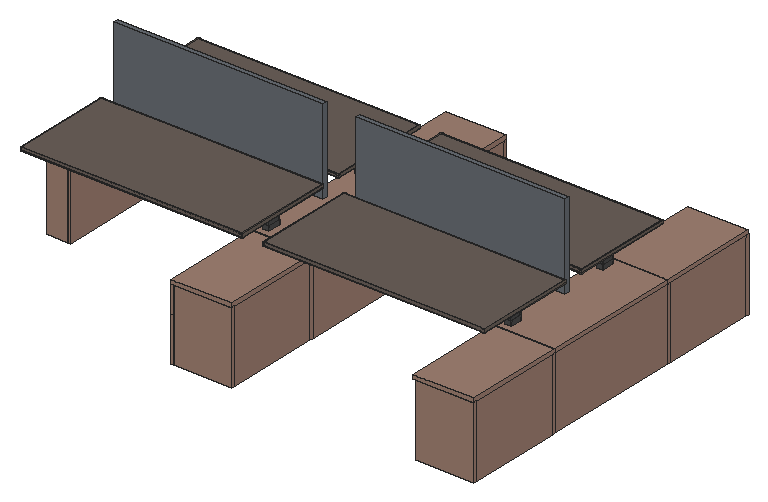
Revit family "T200219", category Furniture, Revit 2015 (continued)
Definition of nested family "STAKS HEIGHT ADJUSTABLE WORK GROUP CABINET Double Sided Dual User"
  Automatic sketch dimensions
    plane 1 "Center Front/Back" to Extrusion 4 sketch curve = 0' - 0"
    Extrusion 5 sketch curve to plane 5 "Front End" = 0' - 0"
    Extrusion 5 sketch curve to plane 20 = 0' - 0"
    Extrusion 5 sketch curve to plane 21 = 0' - 0"
    Extrusion 5 sketch curve to plane 18 = 0' - 0"
    Extrusion 6 sketch curve to plane 9 = 0' - 0 3/4"
    Extrusion 6 sketch curve to plane 10 = 0' - 0 3/4"
    Extrusion 6 sketch curve to plane 18 = 0' - 0"
    plane 1 "Center Front/Back" to Extrusion 6 sketch curve = 0' - 0"
    Extrusion 7 sketch curve to plane 4 "Left End" = 0' - 0"
    Extrusion 7 sketch curve to plane 6 "Right End" = 0' - 0"
    plane 17 to Extrusion 7 sketch curve = 0' - 0"
    Extrusion 7 sketch curve to plane 5 "Front End" = 0' - 0"
    Extrusion 8 sketch curve to plane 5 "Front End" = 0' - 0"
    Extrusion 8 sketch curve to plane 22 = 0' - 0"
    Extrusion 8 sketch curve to plane 23 = 0' - 0"
    Extrusion 8 sketch curve to plane 18 = 0' - 0"
    Extrusion 9 sketch curve to plane 11 = 0' - 0"
    Extrusion 9 sketch curve to plane 21 = 0' - 0"
    plane 23 to Extrusion 9 sketch curve = 0' - 0"
    plane 8 "Height Top" to Extrusion 9 sketch curve = 0' - 1 5/16"
    Extrusion 10 sketch curve to plane 14 = 0' - 0"
    Extrusion 10 sketch curve to plane 16 = 0' - 0"
    Extrusion 10 sketch curve to plane 14 = 0' - 2"
    Extrusion 10 sketch curve to plane 16 = 0' - 0 1/8"  (x2)
    Extrusion 10 sketch curve to Extrusion 10 sketch curve = 0' - 3 1/2"
    Extrusion 10 sketch curve to Extrusion 10 sketch curve = 0' - 0"
    Extrusion 10 sketch curve to Extrusion 10 sketch curve = 0' - 0 1/8"
    Extrusion 11 sketch curve to plane 14 = 0' - 0 3/16"
    Extrusion 11 sketch curve to plane 16 = 0' - 3 5/8"
    Extrusion 11 sketch curve to plane 16 = 0' - 0 3/16"  (x2)
    Extrusion 11 sketch curve to plane 14 = 0' - 1 7/8"
    Extrusion 11 sketch curve to Extrusion 11 sketch curve = 0' - 0 1/16"  (x3)
    Revolve 12 sketch curve to level = 0' - 0"
    plane 16 to Revolve 12 sketch curve = 0' - 0"
    Revolve 12 sketch curve to plane 12 = 0' - 0"  (x2)
    level to Revolve 12 sketch curve = 0' - 0.12502"
    Revolve 12 sketch curve to Revolve 12 sketch curve = 0' - 0.06202"
    Revolve 12 sketch curve to Revolve 12 sketch curve = 0' - 0.12498"
    Revolve 12 sketch curve to plane 16 = 0' - 0.188"  (x2)
    plane 12 to Revolve 12 sketch curve = 0' - 0 1/4"
    Revolve 13 sketch curve to level = 0' - 0"
    plane 15 to Revolve 13 sketch curve = 0' - 0"
    Revolve 13 sketch curve to plane 12 = 0' - 0"  (x2)
    level to Revolve 13 sketch curve = 0' - 0 1/4"
    Revolve 13 sketch curve to Revolve 13 sketch curve = 0' - 0.06202"
    Revolve 13 sketch curve to Revolve 13 sketch curve = 0' - 0.12498"
    plane 15 to Revolve 13 sketch curve = 0' - 0.188"  (x2)
    plane 12 to Revolve 13 sketch curve = 0' - 0 1/4"
    plane 14 to Extrusion 14 sketch curve = 0' - 0"
    Extrusion 14 sketch curve to plane 15 = 0' - 0"
    Extrusion 14 sketch curve to plane 14 = 0' - 0 1/8"
    plane 15 to Extrusion 14 sketch curve = 0' - 0 1/8"
    Extrusion 14 sketch curve to Extrusion 14 sketch curve = 0' - 3 1/2"
    Extrusion 14 sketch curve to Extrusion 14 sketch curve = 0' - 0"
    Extrusion 14 sketch curve to Extrusion 14 sketch curve = 0' - 0 1/8"
    Extrusion 14 sketch curve to Extrusion 14 sketch curve = 0' - 1 3/4"
    Extrusion 15 sketch curve to plane 14 = 0' - 0 3/16"
    plane 15 to Extrusion 15 sketch curve = 0' - 3 5/8"
    Extrusion 15 sketch curve to plane 14 = 0' - 0 1/8"
    Extrusion 15 sketch curve to Extrusion 15 sketch curve = 0' - 0 1/16"  (x2)
    plane 15 to Extrusion 15 sketch curve = 0' - 0 3/16"  (x2)
    Extrusion 15 sketch curve to Extrusion 15 sketch curve = 0' - 1 5/8"
    Extrusion 16 sketch curve to plane 16 = 0' - 0"  (x2)
    plane 17 to Extrusion 16 sketch curve = 0' - 3 3/8"
    plane 16 to Extrusion 16 sketch curve = 0' - 0 1/8"
    Extrusion 16 sketch curve to plane 14 = 0' - 2 1/8"
    Extrusion 16 sketch curve to Extrusion 16 sketch curve = 0' - 3 3/4"  (x2)
    Extrusion 16 sketch curve to Extrusion 16 sketch curve = 0' - 0 1/8"
    Blend 17 sketch curve to plane 16 = 0' - 0 1/8"
    plane 17 to Blend 17 sketch curve = 0' - 2 1/8"
    Blend 17 sketch curve to Blend 17 sketch curve = 0' - 0 1/8"  (x4)
    Blend 17 sketch curve to Blend 17 sketch curve = 0' - 3 1/4"
    Blend 17 sketch curve to Blend 17 sketch curve = 0' - 0"
    Blend 17 sketch curve to plane 14 = 0' - 1 3/4"
    Blend 17 sketch curve to plane 16 = 0' - 0"  (x2)
    plane 17 to Blend 17 sketch curve = 0' - 3 3/8"
    plane 16 to Blend 17 sketch curve = 0' - 0 1/8"
    Blend 17 sketch curve to Blend 17 sketch curve = 0' - 3 3/4"  (x2)
    Blend 17 sketch curve to plane 14 = 0' - 2"
    Extrusion 18 sketch curve to plane 15 = 0' - 0"  (x2)
    Extrusion 18 sketch curve to plane 17 = 0' - 3 3/8"
    plane 15 to Extrusion 18 sketch curve = 0' - 0 1/8"
    plane 14 to Extrusion 18 sketch curve = 0' - 2 1/8"
    Extrusion 18 sketch curve to Extrusion 18 sketch curve = 0' - 3 3/4"  (x2)
    Extrusion 18 sketch curve to Extrusion 18 sketch curve = 0' - 0 1/8"
    Blend 19 sketch curve to plane 15 = 0' - 0 1/8"
    Blend 19 sketch curve to plane 17 = 0' - 2 1/8"
    Blend 19 sketch curve to Blend 19 sketch curve = 0' - 0 1/8"  (x4)
    Blend 19 sketch curve to Blend 19 sketch curve = 0' - 3 1/4"
    Blend 19 sketch curve to Blend 19 sketch curve = 0' - 0"
    plane 14 to Blend 19 sketch curve = 0' - 1 3/4"
    Blend 19 sketch curve to plane 15 = 0' - 0"  (x2)
    Blend 19 sketch curve to plane 17 = 0' - 3 3/8"
    plane 15 to Blend 19 sketch curve = 0' - 0 1/8"
    Blend 19 sketch curve to Blend 19 sketch curve = 0' - 3 3/4"  (x2)
    plane 14 to Blend 19 sketch curve = 0' - 2"
    Extrusion 20 sketch curve to plane 16 = 0' - 0"
    Extrusion 20 sketch curve to plane 16 = 0' - 0 1/8"  (x2)
    Extrusion 20 sketch curve to plane 18 = 0' - 0 3/4"
    Extrusion 20 sketch curve to Extrusion 20 sketch curve = 0' - 3 3/4"
    Extrusion 20 sketch curve to Extrusion 20 sketch curve = 0' - 0"
    Extrusion 20 sketch curve to Extrusion 20 sketch curve = 0' - 0 1/8"
    Extrusion 20 sketch curve to Extrusion 20 sketch curve = 0' - 1 3/4"
    Extrusion 21 sketch curve to plane 18 = 0' - 0 15/16"
    Extrusion 21 sketch curve to plane 16 = 0' - 3 7/8"
    Extrusion 21 sketch curve to plane 18 = 0' - 0 7/8"
    Extrusion 21 sketch curve to Extrusion 21 sketch curve = 0' - 0 1/16"  (x2)
    Extrusion 21 sketch curve to plane 16 = 0' - 0 3/16"  (x2)
    Extrusion 21 sketch curve to Extrusion 21 sketch curve = 0' - 1 5/8"
    Revolve 22 sketch curve to level = 0' - 0"
    plane 16 to Revolve 22 sketch curve = 0' - 0"
    Revolve 22 sketch curve to plane 12 = 0' - 0"  (x2)
    level to Revolve 22 sketch curve = 0' - 0 1/4"
    Revolve 22 sketch curve to Revolve 22 sketch curve = 0' - 0.06202"
    Revolve 22 sketch curve to Revolve 22 sketch curve = 0' - 0.12498"
    Revolve 22 sketch curve to plane 16 = 0' - 0.188"  (x2)
    plane 12 to Revolve 22 sketch curve = 0' - 0 1/4"
    Revolve 23 sketch curve to level = 0' - 0"
    plane 15 to Revolve 23 sketch curve = 0' - 0"
    Revolve 23 sketch curve to plane 12 = 0' - 0"  (x2)
    level to Revolve 23 sketch curve = 0' - 0.12502"
    Revolve 23 sketch curve to plane 15 = 0' - 0.06202"
    Revolve 23 sketch curve to Revolve 23 sketch curve = 0' - 0.12498"
    plane 15 to Revolve 23 sketch curve = 0' - 0.188"  (x2)
    plane 12 to Revolve 23 sketch curve = 0' - 0 1/4"
    Extrusion 24 sketch curve to plane 15 = 0' - 0"
    Extrusion 24 sketch curve to plane 18 = 0' - 2 3/4"
    plane 15 to Extrusion 24 sketch curve = 0' - 0 1/8"  (x2)
    Extrusion 24 sketch curve to Extrusion 24 sketch curve = 0' - 3 1/2"
    Extrusion 24 sketch curve to plane 18 = 0' - 0 3/4"
    Extrusion 24 sketch curve to Extrusion 24 sketch curve = 0' - 0"
    Extrusion 24 sketch curve to Extrusion 24 sketch curve = 0' - 0 1/8"
    Extrusion 25 sketch curve to plane 18 = 0' - 0 15/16"
    plane 15 to Extrusion 25 sketch curve = 0' - 3 5/8"
    plane 15 to Extrusion 25 sketch curve = 0' - 0 3/16"  (x2)
    Extrusion 25 sketch curve to plane 18 = 0' - 2 5/8"
    Extrusion 25 sketch curve to Extrusion 25 sketch curve = 0' - 0 1/16"  (x3)
    Extrusion 26 sketch curve to plane 16 = 0' - 0"  (x2)
    plane 1 "Center Front/Back" to Extrusion 26 sketch curve = 0' - 3 3/8"
    Extrusion 26 sketch curve to plane 16 = 0' - 0 1/8"
    Extrusion 26 sketch curve to Extrusion 26 sketch curve = 0' - 4"  (x2)
    Extrusion 26 sketch curve to Extrusion 26 sketch curve = 0' - 0 1/8"
    plane 18 to Extrusion 26 sketch curve = 0' - 2 3/4"
    plane 16 to Blend 27 sketch curve = 0' - 0 1/8"
    plane 1 "Center Front/Back" to Blend 27 sketch curve = 0' - 2 1/8"
    Blend 27 sketch curve to Blend 27 sketch curve = 0' - 0 1/8"  (x4)
    Blend 27 sketch curve to Blend 27 sketch curve = 0' - 3 1/2"
    Blend 27 sketch curve to Blend 27 sketch curve = 0' - 0"
    plane 18 to Blend 27 sketch curve = 0' - 2 1/2"
    Blend 27 sketch curve to plane 16 = 0' - 0"  (x2)
    plane 1 "Center Front/Back" to Blend 27 sketch curve = 0' - 3 3/8"
    Blend 27 sketch curve to plane 16 = 0' - 0 1/8"
    Blend 27 sketch curve to Blend 27 sketch curve = 0' - 4"  (x2)
    plane 18 to Blend 27 sketch curve = 0' - 2 3/4"
    Extrusion 28 sketch curve to plane 15 = 0' - 0"  (x2)
    Extrusion 28 sketch curve to plane 1 "Center Front/Back" = 0' - 3 3/8"
    Extrusion 28 sketch curve to Extrusion 28 sketch curve = 0' - 0 1/8"  (x2)
    Extrusion 28 sketch curve to Extrusion 28 sketch curve = 0' - 3 3/4"
    plane 15 to Extrusion 28 sketch curve = 0' - 3 3/4"
    Extrusion 28 sketch curve to plane 18 = 0' - 2 3/4"
    plane 15 to Blend 29 sketch curve = 0' - 0 1/8"
    Blend 29 sketch curve to plane 1 "Center Front/Back" = 0' - 2 1/8"
    Blend 29 sketch curve to Blend 29 sketch curve = 0' - 0 1/8"  (x4)
    Blend 29 sketch curve to Blend 29 sketch curve = 0' - 3 1/4"
    Blend 29 sketch curve to Blend 29 sketch curve = 0' - 0"
    Blend 29 sketch curve to plane 18 = 0' - 2 1/2"
    Blend 29 sketch curve to plane 15 = 0' - 0"  (x2)
    Blend 29 sketch curve to plane 1 "Center Front/Back" = 0' - 3 3/8"
    Blend 29 sketch curve to plane 15 = 0' - 0 1/8"
    Blend 29 sketch curve to Blend 29 sketch curve = 0' - 3 3/4"
    plane 15 to Blend 29 sketch curve = 0' - 3 3/4"
    Blend 29 sketch curve to plane 18 = 0' - 2 3/4"
Definition of nested family "STAKS FABRIC PRIVACY PANEL Tackable"
  Parameters (values of type "STAKS FABRIC PRIVACY PANEL Tackable for 66in Worksurfaces")
    Width = 5' - 4"
    URL = "http://www.ofs.com/"
    Height from Floor = 1' - 10 3/4"
    Height = 2' - 1 1/4"
    Model = "6-6425PP"
    Manufacturer = "OFS"
    Description = "OFS STAKS FABRIC PRIVACY PANEL Tackable Fabric Covered Panel For Use with 66\" Worksurfaces"
    Depth = 0' - 1 7/16"
    Copyright © = "© 2018 OFS"
    Catalog = "https://ofs.com/products/open-plan/benching/staks"
    Authoring Version = "Autodesk Revit Architecture 2013"
    Assembly Code = "E2020200"
    Surface Material = none
  Types (5): name | Width | Model | Description
    (no name) | 5' - 4" | "6-6425PP" | "OFS STAKS FABRIC PRIVACY PANEL Tackable Fabric Covered Panel For Use with 66\" Worksurfaces"
    STAKS FABRIC PRIVACY PANEL Tackable for 54in Worksurfaces | 4' - 4" | "6-5225PP" | "OFS STAKS FABRIC PRIVACY PANEL Tackable Fabric Covered Panel For Use with 54\" Worksurfaces"
    STAKS FABRIC PRIVACY PANEL Tackable for 60in Worksurfaces | 4' - 10" | "6-5825PP" | "OFS STAKS FABRIC PRIVACY PANEL Tackable Fabric Covered Panel For Use with 60\" Worksurfaces"
    STAKS FABRIC PRIVACY PANEL Tackable for 66in Worksurfaces | 5' - 4" | "6-6425PP" | "OFS STAKS FABRIC PRIVACY PANEL Tackable Fabric Covered Panel For Use with 66\" Worksurfaces"
    STAKS FABRIC PRIVACY PANEL Tackable for 72in Worksurfaces | 5' - 10" | "6-7025PP" | "OFS STAKS FABRIC PRIVACY PANEL Tackable Fabric Covered Panel For Use with 72\" Worksurfaces"
  Reference planes (in)
    plane 1 "Center (Front/Back)": y = 0
    plane 2: z = 0
    plane 3 "Center (Left/Right)": x = 0
    plane 4: x = 32
    plane 5: x = -32
    plane 6: y = 0.71875
    plane 7: y = -0.71875
    plane 8: z = 22.75
    plane 9: z = 48
  Forms (in)
    Extrusion 1, solid, material <- "Surface Material"
      sketch origin (3.56329, 81.33771, 7) x (-1, 0, 0) y (0, -1, 0)
        loop
          line (35.56329, 80.61896) -> (35.56329, 82.05646) -> (-28.43671, 82.05646) -> (-28.43671, 80.61896) -> (35.56329, 80.61896)
      from 41 to 15.75
  Lines and regions (in)
    symbolic lines
      curve 1: line (-32, 0.71875, 0) -> (32, 0.71875, 0)
      curve 2: line (-32, -0.71875, 0) -> (-32, 0.71875, 0)
      curve 3: line (32, -0.71875, 0) -> (-32, -0.71875, 0)
      curve 4: line (32, 0.71875, 0) -> (32, -0.71875, 0)
  Dimensions and locks (in)
    equal spacing: plane 5, plane 3 "Center (Left/Right)", plane 4
    "Width": plane 5 to plane 4
    "Depth": plane 6 to plane 7
    equal spacing: plane 7, plane 1 "Center (Front/Back)", plane 6
    "Height": plane 9 to plane 8
    "Height from Floor": plane 8 to level
    aligned and locked: level to plane 2
    aligned and locked: plane 5 to Extrusion 1 sketch curve
    aligned and locked: Extrusion 1 sketch curve to plane 7
    aligned and locked: Extrusion 1 sketch curve to plane 6
    aligned and locked: Extrusion 1 sketch curve to plane 4
    aligned and locked: plane 9 to Extrusion 1
    aligned and locked: Extrusion 1 to plane 8
    aligned and locked: curve 2 to plane 5
    aligned and locked: curve 1 to Extrusion 1
    aligned and locked: curve 3 to Extrusion 1
    aligned and locked: curve 4 to plane 4
Definition of nested family "STAKS HEIGHT ADJUSTABLE WORKSURFACE"
  Parameters (values of type "STAKS HEIGHT ADJUSTABLE WORKSURFACE 66x30")
    Width = 5' - 6"
    Veneer Material = none
    URL = "http://www.ofs.com/"
    PVC Edge [instance] = not([3D Laminate])  # yes
    Height [instance] = 1' - 9"
    Edge Material = none
    Model = "6-6630HAWS"
    Manufacturer = "OFS"
    Description = "OFS STAKS HEIGHT ADJUSTABLE WORKSURFACE, 66\" Width x 30\" Depth Long Grain, Includes Height Adjustable Control, Switch and Cables"
    Depth = 2' - 6"
    Copyright © = "© 2018 OFS"
    Catalog = "https://ofs.com/products/open-plan/benching/staks"
    Authoring Version = "Autodesk Revit Architecture 2013"
    Assembly Code = "E2020200"
    3D Laminate Material = none
    3D Laminate [instance] = no
  Types (5): name | Width | Model | Description
    (no name) | 5' - 6" | "6-6630HAWS" | "OFS STAKS HEIGHT ADJUSTABLE WORKSURFACE, 66\" Width x 30\" Depth Long Grain, Includes Height Adjustable Control, Switch and Cables"
    STAKS HEIGHT ADJUSTABLE WORKSURFACE 54x30 | 4' - 6" | "6-5430HAWS" | "OFS STAKS HEIGHT ADJUSTABLE WORKSURFACE, 54\" Width x 30\" Depth Long Grain, Includes Height Adjustable Control, Switch and Cables"
    STAKS HEIGHT ADJUSTABLE WORKSURFACE 60x30 | 5' - 0" | "6-6030HAWS" | "OFS STAKS HEIGHT ADJUSTABLE WORKSURFACE, 60\" Width x 30\" Depth Long Grain, Includes Height Adjustable Control, Switch and Cables"
    STAKS HEIGHT ADJUSTABLE WORKSURFACE 66x30 | 5' - 6" | "6-6630HAWS" | "OFS STAKS HEIGHT ADJUSTABLE WORKSURFACE, 66\" Width x 30\" Depth Long Grain, Includes Height Adjustable Control, Switch and Cables"
    STAKS HEIGHT ADJUSTABLE WORKSURFACE 72x30 | 6' - 0" | "6-7230HAWS" | "OFS STAKS HEIGHT ADJUSTABLE WORKSURFACE, 72\" Width x 30\" Depth Long Grain, Includes Height Adjustable Control, Switch and Cables"
  Reference planes (in)
    plane 1 "Center (Front/Back)": y = 0
    plane 2: z = 0
    plane 3 "Center (Left/Right)": x = 0
    plane 4: x = 33
    plane 5: x = -33
    plane 6: y = 15
    plane 7: y = -15
    plane 8: z = 19.875
    plane 9: z = 21
  Forms (in)
    Extrusion 1, solid, material <- "3D Laminate Material", visible <- "3D Laminate"
      sketch origin (3.56329, 81.33771, 7) x (-1, 0, 0) y (0, -1, 0)
        loop
          line (36.56329, 66.33771) -> (36.56329, 96.33771) -> (-29.43671, 96.33771) -> (-29.43671, 66.33771) -> (36.56329, 66.33771)
      from 14 to 12.875
    Extrusion 2, solid, material <- "Veneer Material", visible <- "PVC Edge"
      sketch origin (3.56329, 81.33771, 3.5) x (-1, 0, 0) y (0, -1, 0)
        loop
          line (36.43829, 66.46271) -> (36.43829, 96.21271) -> (-29.31171, 96.21271) -> (-29.31171, 66.46271) -> (36.43829, 66.46271)
      from 17.5 to 16.375
    Sweep 3, solid, material <- "Edge Material", visible <- "PVC Edge"
      path origin (31.86692, 60.25439, 21) x (0, 1, 0) y (-1, 0, 0)
        loop
          line (-45.25439, 64.86692) -> (-75.25439, 64.86692) -> (-75.25439, -1.13308) -> (-45.25439, -1.13308) -> (-45.25439, 64.86692)
      profile origin (-33, 0, 21) x (1, 0, 0) y (0, 0, 1)
        loop
          arc (0, -1) -> (0.03661, -1.08839) -> (0.125, -1.125) r 0.125
          line (0.125, -1.125) -> (0.125, 0)
          arc (0.125, 0) -> (0.03661, -0.03661) -> (0, -0.125) r 0.125
          line (0, -0.125) -> (0, -1)
  Dimensions and locks (in)
    equal spacing: plane 5, plane 3 "Center (Left/Right)", plane 4
    "Width": plane 5 to plane 4
    "Depth": plane 6 to plane 7
    equal spacing: plane 7, plane 1 "Center (Front/Back)", plane 6
    locked: plane 9 to plane 8 at 1.125
    "Height": plane 9 to level
    aligned and locked: level to plane 2
    aligned and locked: Sweep 3 sketch curve to plane 5
    aligned and locked: Sweep 3 sketch curve to plane 6
    aligned and locked: Sweep 3 sketch curve to plane 7
    aligned and locked: Sweep 3 sketch curve to plane 4
    aligned and locked: Extrusion 2 sketch curve to Sweep 3  (x4)
    aligned and locked: Extrusion 1 sketch curve to plane 5
    aligned and locked: Extrusion 1 sketch curve to plane 7
    aligned and locked: Extrusion 1 sketch curve to plane 6
    aligned and locked: Extrusion 1 sketch curve to plane 4
    aligned and locked: plane 9 to Extrusion 1
    aligned and locked: plane 9 to Extrusion 2
    aligned and locked: plane 9 to Sweep 3
    aligned and locked: Extrusion 1 to plane 8
    aligned and locked: Extrusion 2 to plane 8
  Automatic sketch dimensions
    profile plane to Sweep 3 sketch curve = 0' - 0"
    Sweep 3 sketch curve to profile plane = 0' - 0"
    Sweep 3 sketch curve to profile plane = 0' - 0 1/8"
    Sweep 3 sketch curve to profile plane = 0' - 1 1/8"
Definition of nested family "STAKS CROSS RAIL Single or Double Sided"
  Parameters (values of type "STAKS CROSS RAIL Single or Double Sided 54in")
    Width = 4' - 0"
    URL = "http://www.ofs.com/"
    Surface Material = none
    Model = "6-54PRB"
    Manufacturer = "OFS"
    Height Above Floor = 1' - 10 1/2"
    Height = 0' - 5 1/4"
    Description = "OFS STAKS CROSS RAIL for Use with 54\" Single or Double Sided Height Adjustable Cabinets & Panel Bases"
    Depth = 0' - 6"
    Copyright © = "© 2018 OFS"
    Catalog = "https://ofs.com/products/open-plan/benching/staks"
    Authoring Version = "Autodesk Revit Architecture 2013"
    Assembly Code = "E2020200"
  Types (5): name | Width | Model | Description
    (no name) | 4' - 0" | "6-54PRB" | "OFS STAKS CROSS RAIL for Use with 54\" Single or Double Sided Height Adjustable Cabinets & Panel Bases"
    STAKS CROSS RAIL Single or Double Sided 54in | 4' - 0" | "6-54PRB" | "OFS STAKS CROSS RAIL for Use with 54\" Single or Double Sided Height Adjustable Cabinets & Panel Bases"
    STAKS CROSS RAIL Single or Double Sided 60in | 4' - 6" | "6-60PRB" | "OFS STAKS CROSS RAIL for Use with 60\" Single or Double Sided Height Adjustable Cabinets & Panel Bases"
    STAKS CROSS RAIL Single or Double Sided 66in | 5' - 0" | "6-66PRB" | "OFS STAKS CROSS RAIL for Use with 66\" Single or Double Sided Height Adjustable Cabinets & Panel Bases"
    STAKS CROSS RAIL Single or Double Sided 72in | 5' - 6" | "6-72PRB" | "OFS STAKS CROSS RAIL for Use with 72\" Single or Double Sided Height Adjustable Cabinets & Panel Bases"
  Reference planes (in)
    plane 1 "Center (Front/Back)": y = 0
    plane 2: z = 0
    plane 3 "Center (Left/Right)": x = 0
    plane 4: z = 21.67035
    plane 5: x = -24
    plane 6: x = 24
    plane 7: y = 3
    plane 8: y = -3
    plane 9: y = 2
    plane 10: y = -2
    plane 11: z = 22.5
    plane 12: z = 21.75
    plane 13: z = 20.75
    plane 14: x = 0.5
    plane 15: x = -0.5
  Forms (in)
    Extrusion 1, solid, material <- "Surface Material"
      sketch origin (0, 0, 0) x (1, 0, 0) y (0, 1, 0)
        loop
          line (-21.08661, 3) -> (-21.08661, -3) -> (21.08661, -3) -> (21.08661, 3) -> (-21.08661, 3)
      from 21.75 to 22.5
    Extrusion 2, solid, material <- "Surface Material"
      sketch origin (0, 0, 0) x (0, 1, 0) y (0, 0, 1)
        loop
          line (2, 20.75) -> (2, 21.67035) -> (1.75, 21.67035) -> (1.75, 21.75) -> (-1.75, 21.75) -> (-1.75, 21.67035) -> (-2, 21.67035) -> (-2, 20.75) -> (2, 20.75)
      from -24 to 24
  Dimensions and locks (in)
    equal spacing: plane 5, plane 3 "Center (Left/Right)", plane 6
    "Width": plane 5 to plane 6
    equal spacing: plane 8, plane 1 "Center (Front/Back)", plane 7
    "Depth": plane 7 to plane 8
    "Height Above Floor": plane 11 to level
    locked: plane 11 to plane 12 at 0.75
    locked: plane 12 to plane 13 at 1
    plane 15 to plane 3 "Center (Left/Right)" to plane 14 = 0' - 0 1/2" locked, 0' - 0 1/2" locked
    aligned and locked: level to plane 2
    aligned and locked: plane 7 to Extrusion 1
    aligned and locked: plane 8 to Extrusion 1
    aligned and locked: Extrusion 1 to plane 12
    aligned and locked: plane 11 to Extrusion 1
    aligned and locked: Extrusion 2 sketch curve to plane 12
    aligned and locked: plane 10 to Extrusion 2 sketch curve
    aligned and locked: plane 9 to Extrusion 2 sketch curve
    aligned and locked: Extrusion 2 sketch curve to plane 4  (x2)
    aligned and locked: Extrusion 2 sketch curve to plane 13
    aligned and locked: plane 5 to Extrusion 2
    aligned and locked: Extrusion 2 to plane 6
  Automatic sketch dimensions
    Extrusion 1 sketch curve to plane 5 = 0' - 2.91339"
    Extrusion 1 sketch curve to plane 6 = 0' - 2.91339"
    plane 10 to Extrusion 1 sketch curve = 0' - 1"
    plane 9 to Extrusion 1 sketch curve = 0' - 1"
    Extrusion 2 sketch curve to plane 9 = 0' - 0 1/4"
    Extrusion 2 sketch curve to plane 10 = 0' - 0 1/4"
Definition of nested family "STAKS PET WIRE MANAGER to Underside of Cross Rail"
  Parameters (values of type "STAKS PET WIRE MANAGER to Underside of Cross Rail 32in")
    Width = 2' - 8"
    Wire Manager Material = none
    URL = "http://www.ofs.com/"
    Height Above Floor [instance] = 1' - 8"
    Height = 0' - 5"
    Model = "WM-P32CR"
    Manufacturer = "OFS"
    Description = "OFS STAKS PET WIRE MANAGER to Underside of Cross Rail 32\" Width, for use with 54\" Worksurface"
    Depth = 0' - 6"
    Copyright © = "© 2018 OFS"
    Catalog = "https://ofs.com/products/open-plan/benching/staks"
    Authoring Version = "Autodesk Revit Architecture 2013"
    Assembly Code = "E2020200"
  Types (4): name | Width | Model | Description
    (no name) | 2' - 8" | "WM-P32CR" | "OFS STAKS PET WIRE MANAGER to Underside of Cross Rail 32\" Width, for use with 54\" Worksurface"
    STAKS PET WIRE MANAGER to Underside of Cross Rail 32in | 2' - 8" | "WM-P32CR" | "OFS STAKS PET WIRE MANAGER to Underside of Cross Rail 32\" Width, for use with 54\" Worksurface"
    STAKS PET WIRE MANAGER to Underside of Cross Rail 44in | 3' - 8" | "WM-P44CR" | "OFS STAKS PET WIRE MANAGER to Underside of Cross Rail 44\" Width, for use with 60\" and 66\" Worksurfaces"
    STAKS PET WIRE MANAGER to Underside of Cross Rail 56in | 4' - 8" | "WM-P56CR" | "OFS STAKS PET WIRE MANAGER to Underside of Cross Rail 56\" Width, for use with 72\" Worksurface"
  Reference planes (in)
    plane 1 "Center (Front/Back)": y = 0
    plane 2: z = 0
    plane 3 "Center (Left/Right)": x = 0
    plane 4: x = 16
    plane 5: x = -16
    plane 6: y = 3
    plane 7: y = -3
    plane 8: z = 15
    plane 9: z = 20
    plane 10: x = -13.75
    plane 11: x = 13.75
    plane 12: z = 15.25
  Forms (in)
    Extrusion 1, solid, material <- "Wire Manager Material"
      sketch origin (0, 0, 0) x (0, 1, 0) y (0, 0, 1)
        loop
          line (-1.16789, 15) -> (1.16789, 15)
          arc (1.16789, 15) -> (1.40707, 15.04758) -> (1.60983, 15.18306) r 0.625
          line (1.60983, 15.18306) -> (3, 16.57322) -> (2.82322, 16.75) -> (1.43306, 15.35983)
          arc (1.43306, 15.35983) -> (1.3114, 15.27855) -> (1.16789, 15.25) r 0.375
          line (1.16789, 15.25) -> (-1.16789, 15.25)
          arc (-1.16789, 15.25) -> (-1.3114, 15.27855) -> (-1.43306, 15.35983) r 0.375
          line (-1.43306, 15.35983) -> (-2.82322, 16.75) -> (-3, 16.57322) -> (-1.60983, 15.18306)
          arc (-1.60983, 15.18306) -> (-1.40707, 15.04758) -> (-1.16789, 15) r 0.625
      from -16 to 16
    Extrusion 2, solid, material <- "Wire Manager Material"
      sketch origin (0, 0, 0) x (1, 0, 0) y (0, 1, 0)
        loop
          circle (-13.75, 0) r 0.375
      from 15.25 to 20
    Extrusion 3, solid, material <- "Wire Manager Material"
      sketch origin (0, 0, 0) x (-1, 0, 0) y (0, -1, 0)
        loop
          circle (-13.75, 0) r 0.375
      from 15.25 to 20
  Dimensions and locks (in)
    equal spacing: plane 5, plane 3 "Center (Left/Right)", plane 4
    "Width": plane 5 to plane 4
    "Depth": plane 6 to plane 7
    equal spacing: plane 7, plane 1 "Center (Front/Back)", plane 6
    "Height": plane 9 to plane 8
    "Height Above Floor": plane 9 to level
    locked: plane 5 to plane 10 at 2.25
    locked: plane 4 to plane 11 at 2.25
    locked: plane 12 to plane 8 at 0.25
    aligned and locked: level to plane 2
    aligned and locked: plane 5 to Extrusion 1
    aligned and locked: plane 4 to Extrusion 1
    aligned and locked: plane 9 to Extrusion 2
    aligned and locked: plane 9 to Extrusion 3
    aligned and locked: Extrusion 3 to plane 12
    aligned and locked: Extrusion 2 to plane 12
  Automatic sketch dimensions
    Extrusion 1 sketch curve to Extrusion 1 sketch curve = 0' - 0"  (x4)
    Extrusion 1 sketch curve to plane 7 = 0' - 0"
    Extrusion 1 sketch curve to plane 8 = 0' - 0"
    Extrusion 1 sketch curve to plane 6 = 0' - 0"
    plane 8 to Extrusion 1 sketch curve = 0' - 0.18306"  (x2)
    Extrusion 1 sketch curve to plane 7 = 0' - 0.17678"
    Extrusion 1 sketch curve to plane 7 = 0' - 1.39017"
    plane 8 to Extrusion 1 sketch curve = 0' - 0.35983"  (x2)
    Extrusion 1 sketch curve to Extrusion 1 sketch curve = 0' - 0.17678"
    Extrusion 1 sketch curve to Extrusion 1 sketch curve = 0' - 0.26517"  (x2)
    Extrusion 1 sketch curve to plane 1 "Center (Front/Back)" = 0' - 1.16789"
    Extrusion 1 sketch curve to plane 6 = 0' - 0.17678"
    plane 1 "Center (Front/Back)" to Extrusion 2 sketch curve = 0' - 0"
    Extrusion 2 sketch curve to plane 10 = 0' - 0"
    plane 1 "Center (Front/Back)" to Extrusion 3 sketch curve = 0' - 0"
    Extrusion 3 sketch curve to plane 11 = 0' - 0"
    radius of Extrusion 2 sketch curve = 0' - 0 3/8"
    radius of Extrusion 3 sketch curve = 0' - 0 3/8"
